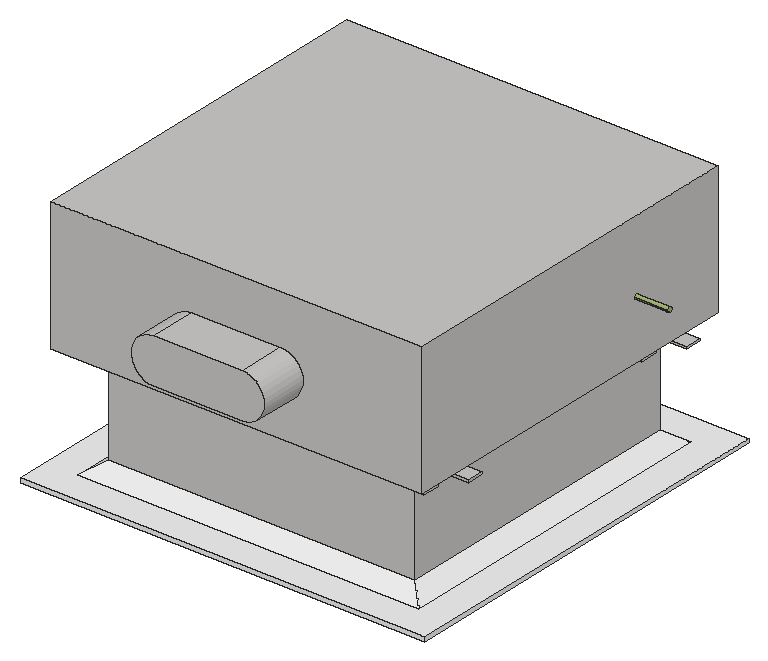
Revit family "HVAC-Inffuser-Dadanco-IDS60i", category Mechanical Equipment, Revit 2015
Parameters (values of type "2' x 2' Nominal")
  Zone Name [instance] = ""
  Zone ID [instance] = ""
  Unit Width = Nominal Unit Length - 0' 0 1/4"  # 1' - 11 3/4"
  Unit Tag [instance] = ""
  Unit Height = 1' - 2 45/64"  # constant formula
  URL = "http://www.dadanco.com/"
  Type Comments = "4 way Discharge Internal Entrainment Square Inffuser"
  Total Cooling Capacity = 0.0 Btu/h
  Supply Air = 0 CFM
  Revision Date = "07/19/2010"  # constant formula
  Primary Air Static Pressure [instance] = PASP  # 0.00 in-wg
  Primary Air Inlet Size = 0' - 6"
  Primary Air Flow Rate [instance] = PA  # 0 CFM
  PASP = 0.00 in-wg
  PA = 0 CFM
  Overall Unit Length = Nominal Unit Length - 0' 0 1/4"  # 1' - 11 3/4"
  Nozzle Configuration = ""
  Nominal Unit Length = 2' - 0"
  Net Unit Cooling Sensible = 0.0 Btu/h
  Model Number = ""
  Latent Cooling = 0.0 Btu/h
  Keynote = "23 37 00.A1"
  Grill Material = Metal-Dadanco-Aluminum-Bone White
  Product Page URL = "http://www.dadanco.com/inffuser/dadanco_inffuser_air.asp"
  Documentation Link = "http://www.dadanco.com/inffuser/air_quality_literature.asp?productLineID=31"
  Cooling Supply Air Temperature = 0 °F
  Cooling Room Relative Humidity = 0
  Cooling Room Dry Bulb = 0 °F
  Cooling Primary Air Relative Humidity = 0
  Model = "IDS60I"  # constant formula
  Manufacturer = "Dadanco"  # constant formula
  Housing Material = Metal-Dadanco-Steel-Galvanized
  Description = "Inffuser"  # constant formula
  Cooling Primary Air Dry Bulb = 0 °F
  Architectural Design Manual = "http://www.dadanco.com/inffuser/dadanco_inffuser_air.asp"
  Air Inlet Radius = if(Primary Air Inlet Size = 0' 6", 0' 1 41/128", if(Primary Air Inlet Size = 0' 8", 0' 2 5/256", if(Primary Air Inlet Size = 0' 10", 0' 2 41/128", 0' 6")))  # 0' - 1 41/128"
  Air Inlet Length = if(Primary Air Inlet Size = 0' 6", 0' 7 215/256", if(Primary Air Inlet Size = 0' 8", 0' 10 61/256", if(Primary Air Inlet Size = 0' 10", 1' 0 215/256", 0' 1 1/2")))  # 0' - 7 215/256"
  Air Inlet Height = Air Inlet Radius * 2  # 0' - 2 41/64"
  Air Inlet Half Length = Air Inlet Length / 2  # 0' - 3.91992"
  Assembly Code = "D3040100"
Reference planes (in)
  plane 1 "Center (Front/Back)": y = -0.97873
  plane 2 "Grill Bottom": z = 0
  plane 3 "Center (Left/Right)": x = 0.55581
  plane 4 "Grill Edge Right": x = 12.43081
  plane 5 "Grill Edge Back": y = 10.89627
  plane 6 "Grill Edge Front": y = -12.85373
  plane 7 "Top Face": z = 14.70312
  plane 8 "Grill Edge Left": x = -11.31919
  plane 9 "Plenum Face Left": x = -10.31419
  plane 10 "Plenum Face Right": x = 11.42581
  plane 11 "Plenum Face Back": y = 9.89127
  plane 12 "Plenum Face Front": y = -11.84873
  plane 13 "Shroud Face Back": y = 8.02127
  plane 14 "Shroud Face Front": y = -9.97873
  plane 15 "Shroud Face Left": x = -8.44419
  plane 16 "Shroud Face Right": x = 9.55581
  plane 17 "Plenum Bottom": z = 6.95312
  plane 18 "Shroud Bottom": z = 0.95312
  plane 19 "Spigot Centerline": z = 10.45312
  plane 20 "Comiss Tube Centerline": y = 3.89127
Forms (in)
  Extrusion 1, solid, material "Metal-Dadanco-Steel-Galvanized" <- "Housing Material"
    sketch origin (0, 0, 14.70312) x (0, 1, 0) y (-1, 0, 0)
      loop
        line (-11.84873, 10.31419) -> (-11.84873, -11.42581) -> (9.89127, -11.42581) -> (9.89127, 10.31419) -> (-11.84873, 10.31419)
    from -7.75 to 0
  Extrusion 2, solid, material "Metal-Dadanco-Steel-Galvanized" <- "Housing Material", detail levels medium+fine
    sketch origin (0, 0, 6.95312) x (-1, 0, 0) y (0, -1, 0)
      loop
        line (8.44419, 9.97873) -> (-9.55581, 9.97873) -> (-9.55581, -8.02127) -> (8.44419, -8.02127) -> (8.44419, 9.97873)
    from -6 to 0
  Extrusion 3, solid, material "Metal-Dadanco-Aluminum-Bone White" <- "Grill Material", detail levels medium+fine
    sketch origin (0, 19.51442, 0) x (1, 0, 0) y (0, 1, 0)
      loop
        line (-11.31919, -32.36815) -> (12.43081, -32.36815) -> (12.43081, -8.61815) -> (-11.31919, -8.61815) -> (-11.31919, -32.36815)
    from 0 to 0.25
  Blend 4, solid, material "Metal-Dadanco-Aluminum-Bone White" <- "Grill Material", detail levels medium+fine
    base sketch origin (0, 0, 0.95312) x (-1, 0, 0) y (0, -1, 0)
      loop
        line (9.44419, 10.97873) -> (-10.55581, 10.97873) -> (-10.55581, -9.02127) -> (9.44419, -9.02127) -> (9.44419, 10.97873)
    top sketch origin (0, 0, 0.95312) x (-1, 0, 0) y (0, -1, 0)
      loop
        line (8.44419, 9.97873) -> (-9.55581, 9.97873) -> (-9.55581, -8.02127) -> (8.44419, -8.02127) -> (8.44419, 9.97873)
    from -0.70312 to 0
  Extrusion 5, solid, material "Metal-Dadanco-Steel-Galvanized" <- "Housing Material", detail levels medium+fine
    sketch origin (0, -11.84873, 0) x (-1, 0, 0) y (0, 0, 1)
      loop
        line (2.0438, 11.77344) -> (-3.15542, 11.77344)
        arc (-3.15542, 11.77344) -> (-4.47573, 10.45312) -> (-3.15542, 9.13281) r 1.32031
        line (-3.15542, 9.13281) -> (2.0438, 9.13281)
        arc (2.0438, 9.13281) -> (3.36411, 10.45312) -> (2.0438, 11.77344) r 1.32031
    from -2.8 to 0
  Extrusion 6, solid, material "Metal-Dadanco-Copper-Platina", detail levels medium+fine
    sketch origin (11.42581, -4.5755, 36) x (0, 1, 0) y (0, 0, -1)
      loop
        circle (8.46677, 25.54688) r 0.125
    from -2 to 0
Cuts and joins
  joined: Extrusion 3, Blend 4
Lines and regions (in)
  Masking region 1
    outline origin (0, 19.51442, 0) x (1, 0, 0) y (0, 1, 0)
      loop
        line (-11.31919, -32.36815) -> (12.43081, -32.36815) -> (12.43081, -8.61815) -> (-11.31919, -8.61815) -> (-11.31919, -32.36815)
  Masking region 2, detail levels medium+fine
    outline origin (0, 0, 14.70312) x (0, 1, 0) y (-1, 0, 0)
      loop
        line (-11.84873, 10.31419) -> (-11.84873, -11.42581) -> (9.89127, -11.42581) -> (9.89127, 10.31419) -> (-11.84873, 10.31419)
  Masking region 3, detail levels medium+fine
    outline origin (0, -11.84873, 0) x (-1, 0, 0) y (0, 0, 1)
      loop
        line (10.31419, 14.70312) -> (-11.42581, 14.70312) -> (-11.42581, 6.95312) -> (10.31419, 6.95312) -> (10.31419, 14.70312)
  Masking region 4, detail levels medium+fine
    outline origin (0, -9.97873, 0) x (-1, 0, 0) y (0, 0, 1)
      loop
        line (8.44419, 6.95312) -> (-9.55165, 6.95312) -> (-9.55165, 0.95312) -> (-10.55581, 0.25) -> (-12.43081, 0.25) -> (-12.43081, 0) -> (11.31919, 0) -> (11.31919, 0.25) -> (9.44419, 0.25) -> (8.44419, 0.95312) -> (8.44419, 6.95312)
  Masking region 5
    outline origin (-10.31419, -4.5755, 36) x (0, 1, 0) y (0, 0, 1)
      loop
        line (14.46677, -21.29688) -> (-7.27323, -21.29688) -> (-7.27323, -29.04688) -> (14.46677, -29.04688) -> (14.46677, -21.29688)
  Masking region 6
    outline origin (-8.44419, 0, 0) x (0, -1, 0) y (0, 0, 1)
      loop
        line (-8.02127, 6.95312) -> (-8.02127, 0.95312) -> (-9.02127, 0.25) -> (-10.89627, 0.25) -> (-10.89627, 0) -> (12.85373, 0) -> (12.85373, 0.25) -> (10.97873, 0.25) -> (9.97873, 0.95312) -> (9.97873, 6.95312) -> (-8.02127, 6.95312)
  Masking region 7, detail levels medium+fine
    outline origin (0.55581, 0, 0) x (0, 1, 0) y (0, 0, 1)
      loop
        line (-11.84873, 9.13281) -> (-11.84873, 11.77344) -> (-14.64873, 11.77344) -> (-14.64873, 9.13281) -> (-11.84873, 9.13281)
  Masking region 8, detail levels medium+fine
    outline origin (11.42581, -4.5755, 36) x (0, 1, 0) y (0, 0, 1)
      loop
        line (-7.27323, -21.29688) -> (-7.27323, -29.04688) -> (14.46677, -29.04688) -> (14.46677, -21.29688) -> (-7.27323, -21.29688)
  Masking region 9, detail levels medium+fine
    outline origin (9.55581, 0, 0) x (0, -1, 0) y (0, 0, 1)
      loop
        line (9.97873, 6.95312) -> (-8.02127, 6.95312) -> (-8.02127, 0.95312) -> (-9.02127, 0.25) -> (-10.89627, 0.25) -> (-10.89627, 0) -> (12.85373, 0) -> (12.85373, 0.25) -> (10.97873, 0.25) -> (9.97873, 0.95312) -> (9.97873, 6.95312)
  Masking region 10, detail levels medium+fine
    outline origin (0.55581, 0, 0) x (0, 1, 0) y (0, 0, 1)
      loop
        line (-14.64873, 9.13281) -> (-11.84873, 9.13281) -> (-11.84873, 11.77344) -> (-14.64873, 11.77344) -> (-14.64873, 9.13281)
  Masking region 11, detail levels medium+fine
    outline origin (0, 0, 10.45312) x (-1, 0, 0) y (0, -1, 0)
      loop
        line (-11.42581, -3.76627) -> (-13.42581, -3.76627) -> (-13.42581, -4.01627) -> (-11.42581, -4.01627) -> (-11.42581, -3.76627)
  Masking region 12, detail levels medium+fine
    outline origin (0, 0, 10.45312) x (-1, 0, 0) y (0, -1, 0)
      loop
        line (3.36411, 14.64873) -> (-4.47573, 14.64873) -> (-4.47573, 11.84873) -> (3.36411, 11.84873) -> (3.36411, 14.64873)
  Masking region 13, detail levels coarse
    outline origin (0, -0.97873, 0) x (1, 0, 0) y (0, 0, 1)
      loop
        line (-11.31919, 0) -> (12.43081, 0) -> (12.43081, 14.70312) -> (-11.31919, 14.70312) -> (-11.31919, 0)
  Masking region 14, detail levels medium+fine
    outline origin (-13.44419, 7.52127, -6.32843) x (0, 0, -1) y (1, 0, 0)
      loop
        line (-16.65656, 24.87) -> (-16.65656, 26.87) -> (-16.90656, 26.87) -> (-16.90656, 24.87) -> (-16.65656, 24.87)
  Masking region 15, detail levels coarse
    outline origin (0.55581, 0, 0) x (0, 1, 0) y (0, 0, 1)
      loop
        line (-12.85373, 0) -> (10.89627, 0) -> (10.89627, 14.70312) -> (-12.85373, 14.70312) -> (-12.85373, 0)
  Masking region 16, detail levels medium+fine
    outline origin (0, 0, 6.95312) x (-1, 0, 0) y (0, -1, 0)
      loop
        line (11.19419, -6.52127) -> (10.31419, -6.52127) -> (10.31419, -7.52127) -> (11.19419, -7.52127) -> (11.19419, -6.52127)
  Masking region 17, detail levels medium+fine
    outline origin (0, 0, 6.95312) x (-1, 0, 0) y (0, -1, 0)
      loop
        line (11.19419, 9.47873) -> (10.31419, 9.47873) -> (10.31419, 8.47873) -> (11.19419, 8.47873) -> (11.19419, 9.47873)
  Masking region 18, detail levels medium+fine
    outline origin (0, 0, 6.95312) x (-1, 0, 0) y (0, -1, 0)
      loop
        line (-11.42581, 9.47873) -> (-12.30581, 9.47873) -> (-12.30581, 8.47873) -> (-11.42581, 8.47873) -> (-11.42581, 9.47873)
  Masking region 19, detail levels medium+fine
    outline origin (0, 0, 6.95312) x (-1, 0, 0) y (0, -1, 0)
      loop
        line (-11.42581, -7.52127) -> (-11.42581, -6.52127) -> (-12.30581, -6.52127) -> (-12.30581, -7.52127) -> (-11.42581, -7.52127)
  model lines, detail levels medium+fine
    curve 1: line (-9.56919, -11.10373, 0) -> (10.68081, -11.10373, 0)
    curve 2: line (-9.56919, 9.14627, 0) -> (10.68081, 9.14627, 0)
    curve 3: line (-9.56919, -11.10373, 0) -> (-9.56919, 9.14627, 0)
    curve 4: line (10.68081, -11.10373, 0) -> (10.68081, 9.14627, 0)
    curve 5: line (-7.81919, -9.35373, 0) -> (-7.81919, 7.39627, 0)
    curve 6: line (-6.06919, -7.60373, 0) -> (-6.06919, 5.64627, 0)
    curve 7: line (-4.31919, -5.85373, 0) -> (-4.31919, 3.89627, 0)
    curve 8: line (-2.56919, -4.10373, 0) -> (-2.56919, 2.14627, 0)
    curve 9: line (-0.81919, -2.35373, 0) -> (-0.81919, 0.39627, 0)
    curve 10: line (8.93081, -9.35373, 0) -> (8.93081, 7.39627, 0)
    curve 11: line (7.18081, -7.60373, 0) -> (7.18081, 5.64627, 0)
    curve 12: line (5.43081, -5.85373, 0) -> (5.43081, 3.89627, 0)
    curve 13: line (3.68081, -4.10373, 0) -> (3.68081, 2.14627, 0)
    curve 14: line (1.93081, -2.35373, 0) -> (1.93081, 0.39627, 0)
    curve 15: line (-7.81919, -9.35373, 0) -> (8.93081, -9.35373, 0)
    curve 16: line (-6.06919, -7.60373, 0) -> (7.18081, -7.60373, 0)
    curve 17: line (-4.31919, -5.85373, 0) -> (5.43081, -5.85373, 0)
    curve 18: line (-2.56919, -4.10373, 0) -> (3.68081, -4.10373, 0)
    curve 19: line (-0.81919, -2.35373, 0) -> (1.93081, -2.35373, 0)
    curve 20: line (-7.81919, 7.39627, 0) -> (8.93081, 7.39627, 0)
    curve 21: line (-6.06919, 5.64627, 0) -> (7.18081, 5.64627, 0)
    curve 22: line (-4.31919, 3.89627, 0) -> (5.43081, 3.89627, 0)
    curve 23: line (-2.56919, 2.14627, 0) -> (3.68081, 2.14627, 0)
    curve 24: line (-0.81919, 0.39627, 0) -> (1.93081, 0.39627, 0)
    curve 25: line (-9.56919, 9.14627, 0) -> (-0.81919, 0.39627, 0)
    curve 26: line (1.93081, 0.39627, 0) -> (10.68081, 9.14627, 0)
    curve 27: line (1.93081, -2.35373, 0) -> (10.68081, -11.10373, 0)
    curve 28: line (-0.81919, -2.35373, 0) -> (-9.56919, -11.10373, 0)
  reference lines
    curve 29: line (-18.37407, 7.02127, 0) -> (21.62593, 7.02127, 0)
    curve 30: line (-18.37407, -8.97873, 0) -> (21.62593, -8.97873, 0)
    curve 31: line (-6.08086, 7.52127, 11.77344) -> (5.58907, 7.52127, 11.77344)
    curve 32: line (-5.4475, 7.52127, 9.13281) -> (5.58907, 7.52127, 9.13281)
    curve 33: line (-3.36411, 7.52127, 7.59978) -> (-3.36411, 7.52127, 13.84978)
    curve 34: line (4.47573, 7.52127, 7.59978) -> (4.47573, 7.52127, 13.84978)
    curve 35: line (0.55581, -14.64873, 6.95312) -> (0.55581, -14.64873, 14.70312)
    curve 36: line (-2.0438, 7.52127, 7.59978) -> (-2.0438, 7.52127, 13.84978)
    curve 37: line (3.15542, 7.52127, 7.59978) -> (3.15542, 7.52127, 13.84978)
  symbolic lines, detail levels fine
    curve 38: circle (11.71481, -8.97873, 6.95312) r 0.18 normal (0, 0, 1)
    curve 39: circle (11.71481, 7.02127, 6.95312) r 0.18 normal (0, 0, 1)
    curve 40: circle (-10.60319, 7.02127, 6.95312) r 0.18 normal (0, 0, 1)
    curve 41: circle (-10.60319, -8.97873, 6.95312) r 0.18 normal (0, 0, 1)
    curve 45: line (9.55581, -9.97873, 5.26013) -> (9.68081, -9.97873, 5.26013)
    curve 46: line (9.68081, -9.97873, 5.26013) -> (9.68081, -9.97873, 6.82813)
    curve 47: line (12.30581, -9.97873, 6.95312) -> (12.30581, -9.97873, 6.82813)
    curve 48: line (12.30581, -9.97873, 6.82813) -> (9.68081, -9.97873, 6.82813)
    curve 49: line (-11.19419, -9.97873, 6.95312) -> (-11.19419, -9.97873, 6.82812)
    curve 50: line (-11.19419, -9.97873, 6.82812) -> (-8.56919, -9.97873, 6.82812)
    curve 51: line (-8.56919, -9.97873, 6.82812) -> (-8.56919, -9.97873, 5.26012)
    curve 52: line (-8.56919, -9.97873, 5.26012) -> (-8.44419, -9.97873, 5.26012)
    curve 60: line (12.30581, 9.89127, 6.95313) -> (12.30581, 9.89127, 6.82813)
    curve 61: line (12.30581, 9.89127, 6.82813) -> (9.68081, 9.89127, 6.82813)
    curve 62: line (9.68081, 9.89127, 6.82813) -> (9.68081, 9.89127, 5.26013)
    curve 63: line (9.68081, 9.89127, 5.26013) -> (9.55581, 9.89127, 5.26013)
    curve 65: line (-8.44419, 9.89127, 5.26012) -> (-8.56919, 9.89127, 5.26012)
    curve 66: line (-8.56919, 9.89127, 5.26012) -> (-8.56919, 9.89127, 6.82812)
    curve 67: line (-8.56919, 9.89127, 6.82812) -> (-11.19419, 9.89127, 6.82812)
    curve 68: line (-11.19419, 9.89127, 6.82812) -> (-11.19419, 9.89127, 6.95312)
    curve 77: line (9.55581, -8.47873, 6.82813) -> (9.55581, -9.47873, 6.82813)
    curve 81: line (9.55581, 6.52127, 6.82813) -> (9.55581, 7.52127, 6.82813)
  symbolic lines, detail levels medium+fine
    curve 42: line (-8.44419, -11.84873, 0.95312) -> (9.55581, -11.84873, 0.95312)
    curve 43: line (-9.31419, -9.97873, 0.25) -> (10.68581, -9.97873, 0.25)
    curve 44: line (11.42581, -9.97873, 6.95312) -> (12.30581, -9.97873, 6.95312)
    curve 53: line (-11.19419, -9.97873, 6.95312) -> (-10.31419, -9.97873, 6.95312)
    curve 54: arc (-2.0438, -11.84873, 11.77344) -> (-3.36411, -11.84873, 10.45312) -> (-2.0438, -11.84873, 9.13281) r 1.32031
    curve 55: line (-2.0438, -11.84873, 9.13281) -> (3.15542, -11.84873, 9.13281)
    curve 56: arc (3.15542, -11.84873, 9.13281) -> (4.47573, -11.84873, 10.45312) -> (3.15542, -11.84873, 11.77344) r 1.32031
    curve 57: line (3.15542, -11.84873, 11.77344) -> (-2.0438, -11.84873, 11.77344)
    curve 58: line (9.55165, 8.02127, 0.95312) -> (-8.44419, 8.02127, 0.95312)
    curve 59: line (10.55581, 8.02127, 0.25) -> (-9.44419, 8.02127, 0.25)
    curve 64: line (12.30581, 9.89127, 6.95313) -> (11.42581, 9.89127, 6.95313)
    curve 69: line (-10.31419, 9.89127, 6.95312) -> (-11.19419, 9.89127, 6.95312)
    curve 70: line (-8.44419, 8.02127, 0.95312) -> (-8.44419, -9.97873, 0.95312)
    curve 71: line (-8.44419, -10.97873, 0.25) -> (-8.44419, 9.02127, 0.25)
    curve 72: line (9.55581, -9.97873, 0.95312) -> (9.55581, 8.02127, 0.95312)
    curve 73: line (9.55581, -10.97873, 0.25) -> (9.55581, 9.02127, 0.25)
    curve 74: line (9.55581, -9.47873, 6.95313) -> (9.55581, -9.47873, 5.26013)
    curve 75: line (9.55581, -9.47873, 5.26013) -> (9.55581, -8.47873, 5.26013)
    curve 76: line (9.55581, -8.47873, 5.26013) -> (9.55581, -8.47873, 6.95313)
    curve 78: line (9.55581, 6.52127, 6.95313) -> (9.55581, 6.52127, 5.26013)
    curve 79: line (9.55581, 6.52127, 5.26013) -> (9.55581, 7.52127, 5.26013)
    curve 80: line (9.55581, 7.52127, 5.26013) -> (9.55581, 7.52127, 6.95313)
    curve 82: arc (0.55581, 3.76627, 10.45312) -> (0.55581, 3.89127, 10.57812) -> (0.55581, 4.01627, 10.45312) r 0.125
    curve 83: arc (0.55581, 4.01627, 10.45312) -> (0.55581, 3.89127, 10.32812) -> (0.55581, 3.76627, 10.45312) r 0.125
Dimensions and locks (in)
  equal spacing: plane 8 "Grill Edge Left", plane 3 "Center (Left/Right)", plane 4 "Grill Edge Right"
  "Overall Unit Length": plane 8 "Grill Edge Left" to plane 4 "Grill Edge Right"
  equal spacing: plane 6 "Grill Edge Front", plane 1 "Center (Front/Back)", plane 5 "Grill Edge Back"
  "Unit Width": plane 6 "Grill Edge Front" to plane 5 "Grill Edge Back"
  plane 15 "Shroud Face Left" to plane 3 "Center (Left/Right)" to plane 16 "Shroud Face Right" = 0' - 9" locked, 0' - 9" locked
  plane 13 "Shroud Face Back" to plane 1 "Center (Front/Back)" to plane 14 "Shroud Face Front" = 0' - 9" locked, 0' - 9" locked
  plane 11 "Plenum Face Back" to plane 1 "Center (Front/Back)" to plane 12 "Plenum Face Front" = 0' - 10.87" locked, 0' - 10.87" locked
  plane 9 "Plenum Face Left" to plane 3 "Center (Left/Right)" to plane 10 "Plenum Face Right" = 0' - 10.87" locked, 0' - 10.87" locked
  plane 10 "Plenum Face Right" to plane 16 "Shroud Face Right" to plane 3 "Center (Left/Right)" = 0' - 1.87", 0' - 9"
  "Unit Height": plane 7 "Top Face" to plane 2 "Grill Bottom"
  locked: plane 7 "Top Face" to plane 17 "Plenum Bottom" at 7.75
  locked: Extrusion 3 to plane 2 "Grill Bottom" at 0.25
  locked: Blend 4 sketch curve to plane 14 "Shroud Face Front" at 1
  locked: Blend 4 sketch curve to plane 15 "Shroud Face Left" at 1
  locked: plane 16 "Shroud Face Right" to Blend 4 sketch curve at 1
  locked: Blend 4 sketch curve to plane 13 "Shroud Face Back" at 1
  locked: curve 30 to plane 1 "Center (Front/Back)" at 8
  locked: plane 1 "Center (Front/Back)" to curve 29 at 8
  locked: plane 18 "Shroud Bottom" to plane 2 "Grill Bottom" at 0.95312
  locked: plane 19 "Spigot Centerline" to plane 17 "Plenum Bottom" at 3.5
  "Air Inlet Half Length": plane 3 "Center (Left/Right)" to curve 33
  "Air Inlet Half Length": curve 34 to plane 3 "Center (Left/Right)"
  "Air Inlet Radius": curve 31 to plane 19 "Spigot Centerline"
  "Air Inlet Radius": plane 19 "Spigot Centerline" to curve 32
  locked: curve 35 to plane 12 "Plenum Face Front" at 2.8
  "Air Inlet Radius": curve 36 to curve 33
  "Air Inlet Radius": curve 34 to curve 37
  locked: plane 20 "Comiss Tube Centerline" to plane 11 "Plenum Face Back" at 6
  locked: Extrusion 6 to Extrusion 6 at 2
  "Air Inlet Half Length": Masking region 12 sketch curve to plane 3 "Center (Left/Right)"
  "Air Inlet Half Length": plane 3 "Center (Left/Right)" to Masking region 12 sketch curve
  plane 8 "Grill Edge Left" to curve 3 to curve 5 to curve 6 to curve 7 to curve 8 to curve 9 = 0' - 1 3/4" locked, 0' - 1 3/4" locked, 0' - 1 3/4" locked, 0' - 1 3/4" locked, 0' - 1 3/4" locked, 0' - 1 3/4" locked
  curve 14 to curve 13 to curve 12 to curve 11 to curve 10 to curve 4 to plane 4 "Grill Edge Right" = 0' - 1 3/4" locked, 0' - 1 3/4" locked, 0' - 1 3/4" locked, 0' - 1 3/4" locked, 0' - 1 3/4" locked, 0' - 1 3/4" locked
  plane 6 "Grill Edge Front" to curve 1 to curve 15 to curve 16 to curve 17 to curve 18 to curve 19 = 0' - 1 3/4" locked, 0' - 1 3/4" locked, 0' - 1 3/4" locked, 0' - 1 3/4" locked, 0' - 1 3/4" locked, 0' - 1 3/4" locked
  curve 24 to curve 23 to curve 22 to curve 21 to curve 20 to curve 2 to plane 5 "Grill Edge Back" = 0' - 1 3/4" locked, 0' - 1 3/4" locked, 0' - 1 3/4" locked, 0' - 1 3/4" locked, 0' - 1 3/4" locked, 0' - 1 3/4" locked
  Masking region 11 sketch curve to plane 20 "Comiss Tube Centerline" to Masking region 11 sketch curve = 0' - 0 1/8" locked, 0' - 0 1/8" locked
  Masking region 14 sketch curve to plane 19 "Spigot Centerline" to Masking region 14 sketch curve = 0' - 0 1/8" locked, 0' - 0 1/8" locked
  locked: cut or joined group of Extrusion 3, Blend 4 to plane 2 "Grill Bottom" at 0.25  (x2)
  locked: plane 5 "Grill Edge Back" to Masking region 6 sketch curve at 1.875
  locked: Masking region 6 sketch curve to plane 6 "Grill Edge Front" at 1.875
  radius of Extrusion 6 sketch curve = 0' - 0 1/8"
  aligned and locked: plane 2 "Grill Bottom" to level
  aligned and locked: plane 9 "Plenum Face Left" to Extrusion 1 sketch curve
  aligned and locked: plane 12 "Plenum Face Front" to Extrusion 1 sketch curve
  aligned and locked: plane 11 "Plenum Face Back" to Extrusion 1 sketch curve
  aligned and locked: plane 10 "Plenum Face Right" to Extrusion 1 sketch curve
  aligned and locked: plane 7 "Top Face" to Extrusion 1
  aligned and locked: Extrusion 1 to plane 17 "Plenum Bottom"
  aligned and locked: plane 15 "Shroud Face Left" to Extrusion 2 sketch curve
  aligned and locked: plane 14 "Shroud Face Front" to Extrusion 2 sketch curve
  aligned and locked: plane 13 "Shroud Face Back" to Extrusion 2 sketch curve
  aligned and locked: plane 16 "Shroud Face Right" to Extrusion 2 sketch curve
  aligned and locked: plane 17 "Plenum Bottom" to Extrusion 2
  aligned and locked: Extrusion 2 to plane 18 "Shroud Bottom"
  aligned and locked: plane 8 "Grill Edge Left" to Extrusion 3 sketch curve
  aligned and locked: Extrusion 3 sketch curve to plane 6 "Grill Edge Front"
  aligned and locked: plane 5 "Grill Edge Back" to Extrusion 3 sketch curve
  aligned and locked: plane 4 "Grill Edge Right" to Extrusion 3 sketch curve
  aligned and locked: Extrusion 3 to plane 2 "Grill Bottom"
  aligned and locked: Extrusion 2 to Blend 4 sketch curve
  aligned and locked: Blend 4 sketch curve to Extrusion 2  (x3)
  aligned and locked: Blend 4 to Extrusion 3
  aligned and locked: plane 18 "Shroud Bottom" to Blend 4
  aligned and locked: nested 1 to plane 16 "Shroud Face Right"
  aligned and locked: plane 15 "Shroud Face Left" to nested 4
  aligned and locked: nested 2 to plane 16 "Shroud Face Right"
  aligned and locked: plane 15 "Shroud Face Left" to nested 3
  aligned and locked: curve 29 to nested 2
  aligned and locked: nested 3 to curve 29
  aligned and locked: nested 4 to curve 30
  aligned and locked: curve 30 to nested 1
  aligned and locked: plane 17 "Plenum Bottom" to nested 4
  aligned and locked: plane 17 "Plenum Bottom" to nested 3
  aligned and locked: plane 17 "Plenum Bottom" to nested 1
  aligned and locked: plane 17 "Plenum Bottom" to nested 2
  aligned and locked: curve 31 to Extrusion 5 sketch curve
  aligned and locked: curve 32 to Extrusion 5 sketch curve
  aligned and locked: plane 12 "Plenum Face Front" to Extrusion 5
  aligned and locked: Extrusion 5 to curve 35
  aligned and locked: curve 37 to Extrusion 5 sketch curve  (x2)
  aligned and locked: curve 36 to Extrusion 5 sketch curve  (x2)
  aligned and locked: plane 20 "Comiss Tube Centerline" to Extrusion 6 sketch curve
  aligned and locked: plane 19 "Spigot Centerline" to Extrusion 6 sketch curve
  aligned and locked: plane 10 "Plenum Face Right" to Extrusion 6
  aligned and locked: cut or joined group of Extrusion 3, Blend 4 to Masking region 1 sketch curve
  aligned and locked: Masking region 1 sketch curve to cut or joined group of Extrusion 3, Blend 4  (x3)
  aligned and locked: Extrusion 1 to Masking region 2 sketch curve
  aligned and locked: Masking region 2 sketch curve to Extrusion 1  (x3)
  aligned and locked: curve 38 to nested 1
  aligned and locked: curve 39 to nested 2
  aligned and locked: curve 40 to nested 3
  aligned and locked: curve 41 to nested 4
  aligned and locked: Extrusion 1 to Masking region 3 sketch curve
  aligned and locked: Masking region 3 sketch curve to Extrusion 1  (x3)
  aligned and locked: curve 54 to Extrusion 5
  aligned and locked: Extrusion 1 to Masking region 5 sketch curve
  aligned and locked: Masking region 5 sketch curve to Extrusion 1  (x3)
  aligned and locked: Masking region 7 sketch curve to Extrusion 5  (x3)
  aligned and locked: Extrusion 5 to Masking region 7 sketch curve
  aligned and locked: Masking region 8 sketch curve to Extrusion 1  (x4)
  aligned and locked: Masking region 10 sketch curve to Extrusion 5  (x4)
  aligned and locked: Masking region 11 sketch curve to Extrusion 6
  aligned and locked: Masking region 12 sketch curve to Extrusion 5  (x2)
  aligned and locked: plane 8 "Grill Edge Left" to Masking region 13 sketch curve
  aligned and locked: plane 7 "Top Face" to Masking region 13 sketch curve
  aligned and locked: Masking region 13 sketch curve to plane 4 "Grill Edge Right"
  aligned and locked: Masking region 13 sketch curve to plane 2 "Grill Bottom"
  aligned and locked: Extrusion 6 to Masking region 14 sketch curve
  aligned and locked: Masking region 14 sketch curve to Extrusion 6
  aligned and locked: curve 43 to cut or joined group of Extrusion 3, Blend 4
  aligned and locked: plane 18 "Shroud Bottom" to cut or joined group of Extrusion 3, Blend 4
  aligned and locked: curve 46 to nested 1
  aligned and locked: curve 45 to nested 1
  aligned and locked: curve 48 to nested 2
  aligned and locked: curve 47 to nested 1
  aligned and locked: curve 50 to nested 4
  aligned and locked: curve 49 to nested 4
  aligned and locked: curve 51 to nested 4
  aligned and locked: curve 52 to nested 4
  aligned and locked: plane 6 "Grill Edge Front" to Masking region 15 sketch curve
  aligned and locked: plane 7 "Top Face" to Masking region 15 sketch curve
  aligned and locked: plane 5 "Grill Edge Back" to Masking region 15 sketch curve
  aligned and locked: Masking region 15 sketch curve to plane 2 "Grill Bottom"
  aligned and locked: curve 81 to nested 2
  aligned and locked: curve 78 to nested 2
  aligned and locked: curve 79 to nested 2
  aligned and locked: curve 80 to nested 2
  aligned and locked: curve 76 to nested 1
  aligned and locked: curve 75 to nested 1
  aligned and locked: curve 77 to nested 1
  aligned and locked: curve 82 to Extrusion 6
  aligned and locked: curve 83 to Extrusion 6
  aligned and locked: nested 3 to Masking region 16 sketch curve  (x2)
  aligned and locked: Masking region 16 sketch curve to nested 3
  aligned and locked: plane 9 "Plenum Face Left" to Masking region 16 sketch curve
  aligned and locked: nested 4 to Masking region 17 sketch curve  (x2)
  aligned and locked: Masking region 17 sketch curve to nested 4
  aligned and locked: plane 9 "Plenum Face Left" to Masking region 17 sketch curve
  aligned and locked: plane 10 "Plenum Face Right" to Masking region 18 sketch curve
  aligned and locked: nested 1 to Masking region 18 sketch curve  (x2)
  aligned and locked: Masking region 18 sketch curve to nested 1
  aligned and locked: plane 10 "Plenum Face Right" to Masking region 19 sketch curve
  aligned and locked: nested 2 to Masking region 19 sketch curve
  aligned and locked: Masking region 19 sketch curve to nested 2  (x2)
  aligned and locked: plane 17 "Plenum Bottom" to Masking region 6
  aligned and locked: Masking region 6 to plane 2 "Grill Bottom"
  aligned and locked: plane 6 "Grill Edge Front" to cut or joined group of Extrusion 3, Blend 4
  aligned and locked: plane 6 "Grill Edge Front" to Masking region 6 sketch curve
  aligned and locked: plane 5 "Grill Edge Back" to Masking region 6 sketch curve
  aligned and locked: plane 13 "Shroud Face Back" to Masking region 6 sketch curve
  aligned and locked: Masking region 6 sketch curve to plane 14 "Shroud Face Front"
  aligned and locked: plane 18 "Shroud Bottom" to Masking region 6 sketch curve  (x2)
Automatic sketch dimensions
  curve 30 to plane 8 "Grill Edge Left" = 0' - 7.05489"
  curve 29 to plane 8 "Grill Edge Left" = 0' - 7.05489"
  curve 30 to plane 4 "Grill Edge Right" = 0' - 9.19511"
  curve 29 to plane 4 "Grill Edge Right" = 0' - 9.19511"
  curve 35 to plane 7 "Top Face" = 0' - 0"
  curve 35 to plane 17 "Plenum Bottom" = 0' - 0"
  curve 37 to plane 7 "Top Face" = 0' - 0.85334"
  curve 34 to plane 7 "Top Face" = 0' - 0.85334"
  curve 36 to plane 7 "Top Face" = 0' - 0.85334"
  curve 33 to plane 7 "Top Face" = 0' - 0.85334"
  plane 17 "Plenum Bottom" to curve 36 = 0' - 0.64666"
  plane 17 "Plenum Bottom" to curve 37 = 0' - 0.64666"
  plane 17 "Plenum Bottom" to curve 34 = 0' - 0.64666"
  plane 17 "Plenum Bottom" to curve 33 = 0' - 0.64666"
  curve 32 to curve 33 = 0' - 2.08339"
  curve 31 to plane 15 "Shroud Face Left" = 0' - 2.36333"
  curve 34 to curve 31 = 0' - 1.11333"
  curve 34 to curve 32 = 0' - 1.11333"
  Masking region 4 sketch curve to level = 0' - 0"
  plane 4 "Grill Edge Right" to Masking region 4 sketch curve = 0' - 0"
  Masking region 4 sketch curve to plane 17 "Plenum Bottom" = 0' - 0"
  Masking region 4 sketch curve to plane 18 "Shroud Bottom" = 0' - 0"  (x2)
  plane 15 "Shroud Face Left" to Masking region 4 sketch curve = 0' - 0"
  Masking region 4 sketch curve to plane 8 "Grill Edge Left" = 0' - 0"
  level to Masking region 4 sketch curve = 0' - 0 1/4"  (x2)
  plane 10 "Plenum Face Right" to Masking region 4 sketch curve = 0' - 0.87"
  plane 16 "Shroud Face Right" to Masking region 4 sketch curve = 0' - 0.00417"
  plane 9 "Plenum Face Left" to Masking region 4 sketch curve = 0' - 0.87"
  plane 16 "Shroud Face Right" to curve 42 = 0' - 0"
  plane 15 "Shroud Face Left" to curve 42 = 0' - 0"
  curve 42 to plane 18 "Shroud Bottom" = 0' - 0"
  plane 3 "Center (Left/Right)" to curve 56 = 0' - 2.59961"
  curve 58 to plane 18 "Shroud Bottom" = 0' - 0"
  plane 15 "Shroud Face Left" to curve 58 = 0' - 0"
  plane 16 "Shroud Face Right" to curve 58 = 0' - 0.00417"
  level to curve 59 = 0' - 0 1/4"
  plane 10 "Plenum Face Right" to curve 59 = 0' - 0.87"
  plane 9 "Plenum Face Left" to curve 59 = 0' - 0.87"
  plane 16 "Shroud Face Right" to curve 63 = 0' - 0"
  curve 63 to curve 63 = 0' - 0 1/8"
  plane 4 "Grill Edge Right" to curve 60 = 0' - 0 1/8"
  curve 60 to plane 17 "Plenum Bottom" = 0' - 0 1/8"
  curve 63 to curve 61 = 0' - 1.568"
  curve 64 to plane 17 "Plenum Bottom" = 0' - 0"
  plane 10 "Plenum Face Right" to curve 64 = 0' - 0"
  plane 15 "Shroud Face Left" to curve 65 = 0' - 0"
  plane 15 "Shroud Face Left" to curve 65 = 0' - 0 1/8"
  plane 8 "Grill Edge Left" to curve 68 = 0' - 0 1/8"
  curve 65 to plane 17 "Plenum Bottom" = 0' - 1.693"
  curve 67 to curve 68 = 0' - 0 1/8"
  curve 69 to plane 9 "Plenum Face Left" = 0' - 0"
  curve 69 to plane 17 "Plenum Bottom" = 0' - 0"
  Masking region 6 sketch curve to level = 0' - 0"
  Masking region 6 sketch curve to plane 17 "Plenum Bottom" = 0' - 0"
  level to Masking region 6 sketch curve = 0' - 0 1/4"  (x2)
  curve 70 to plane 13 "Shroud Face Back" = 0' - 0"
  curve 70 to plane 14 "Shroud Face Front" = 0' - 0"
  curve 70 to plane 18 "Shroud Bottom" = 0' - 0"
  level to curve 71 = 0' - 0 1/4"
  curve 71 to plane 11 "Plenum Face Back" = 0' - 0.87"
  plane 12 "Plenum Face Front" to curve 71 = 0' - 0.87"
  Masking region 9 sketch curve to level = 0' - 0"
  Masking region 9 sketch curve to plane 5 "Grill Edge Back" = 0' - 0"
  Masking region 9 sketch curve to plane 13 "Shroud Face Back" = 0' - 0"
  Masking region 9 sketch curve to plane 14 "Shroud Face Front" = 0' - 0"
  Masking region 9 sketch curve to plane 6 "Grill Edge Front" = 0' - 0"
  Masking region 9 sketch curve to plane 18 "Shroud Bottom" = 0' - 0"  (x2)
  Masking region 9 sketch curve to plane 17 "Plenum Bottom" = 0' - 0"
  level to Masking region 9 sketch curve = 0' - 0 1/4"  (x2)
  Masking region 9 sketch curve to plane 11 "Plenum Face Back" = 0' - 0.87"
  plane 12 "Plenum Face Front" to Masking region 9 sketch curve = 0' - 0.87"
  curve 72 to plane 13 "Shroud Face Back" = 0' - 0"
  curve 72 to plane 14 "Shroud Face Front" = 0' - 0"
  curve 72 to plane 18 "Shroud Bottom" = 0' - 0"
  level to curve 73 = 0' - 0 1/4"
  curve 73 to plane 11 "Plenum Face Back" = 0' - 0.87"
  plane 12 "Plenum Face Front" to curve 73 = 0' - 0.87"
  curve 80 to plane 17 "Plenum Bottom" = 0' - 0"
  curve 78 to plane 17 "Plenum Bottom" = 0' - 0"
  curve 76 to plane 17 "Plenum Bottom" = 0' - 0"
  curve 74 to plane 17 "Plenum Bottom" = 0' - 0"
  plane 14 "Shroud Face Front" to curve 74 = 0' - 0 1/2"
  curve 47 to plane 17 "Plenum Bottom" = 0' - 0"
  plane 10 "Plenum Face Right" to curve 44 = 0' - 0"
  plane 16 "Shroud Face Right" to curve 45 = 0' - 0"
  plane 15 "Shroud Face Left" to curve 52 = 0' - 0"
  curve 53 to plane 9 "Plenum Face Left" = 0' - 0"
  curve 49 to plane 17 "Plenum Bottom" = 0' - 0"
  plane 10 "Plenum Face Right" to curve 43 = 0' - 0.74"
  plane 15 "Shroud Face Left" to curve 43 = 0' - 0.87"
  Masking region 11 sketch curve to plane 4 "Grill Edge Right" = 0' - 0.995"
Nested families (in)
  nested 1: "HVAC-Chilled_Beam-Dadanco-IDSI_Bracket" at (9.55581, -8.97873, 6.95312), type "L Bracket", detail levels medium+fine
  nested 2: "HVAC-Chilled_Beam-Dadanco-IDSI_Bracket" at (9.55581, 7.02127, 6.95312), type "L Bracket", detail levels medium+fine
  nested 3: "HVAC-Chilled_Beam-Dadanco-IDSI_Bracket" at (-8.44419, 7.02127, 6.95312) x (-1, 0, 0) z (0, 0, 1), type "L Bracket", detail levels medium+fine
  nested 4: "HVAC-Chilled_Beam-Dadanco-IDSI_Bracket" at (-8.44419, -8.97873, 6.95312) x (-1, 0, 0) z (0, 0, 1), type "L Bracket", detail levels medium+fine
Connectors (in)
  hvac at (0.55581, -14.64873, 10.45312), driven by "Air Inlet Height", driven by "Air Inlet Length", driven by "Primary Air Flow Rate", driven by "Primary Air Static Pressure"
    settings: on Extrusion 5, index 1, duct flow 0 CFM, flow factor 0, pres drop 0.00 in-wg, loss coef 0, conn angle 0.00°, conn width 7 215/256", conn height 2 41/64", conn diameter 24", duct sys type 1, conn prof type 1, flow config 1, flow direction 1, loss method 4, conn ref index -1, conn util no, is conn primary yes, conn desc "Primary Air Inlet Front"
Definition of nested family "HVAC-Chilled_Beam-Dadanco-IDSI_Bracket"
  Reference planes (in)
    plane 1 "Center (Front/Back)": y = 0
    plane 2: z = 0
    plane 3 "Center (Left/Right)": x = 0
  Forms (in)
    Extrusion 1, solid
      sketch origin (0, 0, 0) x (1, 0, 0) y (0, 0, 1)
        loop
          line (0, 0) -> (0, -1.693) -> (0.125, -1.693) -> (0.125, -0.125) -> (2.75, -0.125) -> (2.75, 0) -> (0, 0)
      from -0.5 to 0.5
  Lines and regions (in)
    reference lines
      curve 1: line (-1.32876, 0.5, 0) -> (4.17124, 0.5, 0)
      curve 2: line (-1.09309, -0.5, 0) -> (4.17124, -0.5, 0)
    model lines
      curve 3: circle (2.159, 0, 0) r 0.18 normal (0, 0, 1)
  Dimensions and locks (in)
    locked: level to Extrusion 1 sketch curve at 1.693
    locked: Extrusion 1 sketch curve to plane 3 "Center (Left/Right)" at 2.75
    locked: level to Extrusion 1 sketch curve at 0.125
    locked: Extrusion 1 sketch curve to plane 3 "Center (Left/Right)" at 0.125
    curve 2 to plane 1 "Center (Front/Back)" to curve 1 = 0' - 0 1/2" locked, 0' - 0 1/2" locked
    aligned and locked: curve 2 to Extrusion 1
    aligned and locked: Extrusion 1 to curve 1
